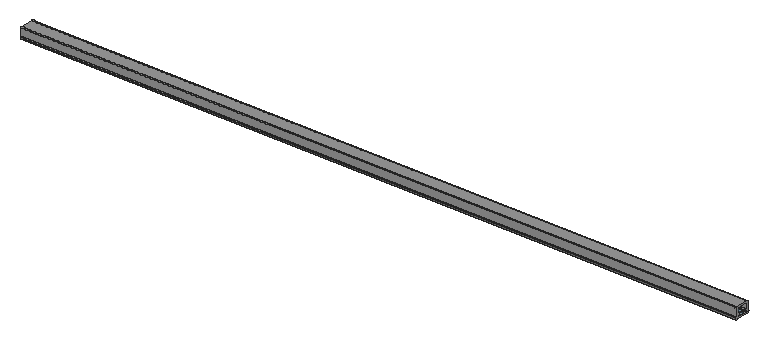
Revit family "LLED8000-ST-4RF", category Lighting Fixtures, Revit 2017
Family settings
  Round Connector Dimension = Use Diameter
  Part Type = Normal
  OmniClass Number = 23.80.70.00
  OmniClass Title = Lighting
  Work Plane-Based = Yes
  Always vertical = Yes
  Cut with Voids When Loaded = No
  Light Source = Yes
  Shared = No
  Room Calculation Point = No
Parameters (values of type "LLED-ST")
  Wattage = 9.2903 W
  built-in parameter 1150110 = 1 (stored number, unit not read)
  built-in parameter 1114217 = 1 (stored number, unit not read)
  built-in parameter 1150109 = 1 (stored number, unit not read)
  built-in parameter 1150134 = 3
  built-in parameter 1150113 = 1 (stored number, unit not read)
  built-in parameter 1150105 = 109.82 (stored number, unit not read)
  Lumens = 1380 lm
  built-in parameter 1150115 = 1 (stored number, unit not read)
  Light Source Symbol Size = 24.000"
  built-in parameter 1150137 = (empty or 0)
  built-in parameter 1150139 = (empty or 0)
  built-in parameter 1150112 = 1 (stored number, unit not read)
  built-in parameter 1150114 = 1 (stored number, unit not read)
  L = 24.000"
  built-in parameter 1150132 = (empty or 0)
  built-in parameter 1150102 = (empty or 0)
  built-in parameter 1150107 = 3200 (stored number, unit not read)
  built-in parameter 1150138 = (empty or 0)
  built-in parameter 1150106 = 1.0982 (stored number, unit not read)
  Fixture cap = fixture cap
  Fixture = fixture
  Emit from Line Length = 24.000"
  built-in parameter 1150104 = 13.8 (stored number, unit not read)
  Dimming Lamp Color Temperature Shift = <None>
  Default Elevation = 2.60039"
  Color Filter = 16777215
  Bulb = Glass
  built-in parameter 1114218 = 1 (stored number, unit not read)
  built-in parameter 1150133 = 10 (stored number, unit not read)
Reference planes (in)
  plane 1 "Light Source Axis (F/B)": y = 0
  plane 2: z = 0
  plane 3 "Light Source Axis (L/R)": x = 0
  plane 4 "Light Source Elevation": z = 54
  plane 5: z = 0
  plane 6: x = -12
  plane 7: x = 12
  plane 8: z = -0.36
  plane 9: y = -0.26
  plane 10: y = 0.26
Forms (in)
  Revolve 1, solid, not visible
    sketch origin (-0.00118, 0, 6.68102) x (1, 0, 0) y (0, 0, 1)
      loop
        line (0, 1.27453) -> (0.22, 1.27453) -> (0.22, 1.98615) -> (0, 1.98615) -> (0, 1.27453)
      axis (0, 1.98615) -> (0, 1.27453)
    angle from 0 to 360
  Extrusion 2, solid, material "fixture cap" <- "Fixture cap", not visible
    sketch origin (-0.00118, -0.05736, 6.68102) x (1, 0, 0) y (0, 0, 1)
      loop
        line (0, 1.6939) -> (0.66, 1.6939) -> (0.66, 1.98615) -> (0, 1.98615) -> (-0.66, 1.98615) -> (-0.66, 1.6939) -> (0, 1.6939)
    from -0.23545 to 0.11965
  Extrusion 3, void, not visible
    sketch origin (-0.00118, 0, 6.68102) x (1, 0, 0) y (0, 0, 1)
      loop
        arc (-0.66, 1.6939) -> (-0.58698, 1.88163) -> (-0.41477, 1.98615) r 0.31341
        line (-0.41477, 1.98615) -> (-0.66, 1.98615) -> (-0.66, 1.6939)
      loop
        line (0.66, 1.6939) -> (0.66, 1.98615) -> (0.41477, 1.98615)
        arc (0.41477, 1.98615) -> (0.58698, 1.88163) -> (0.66, 1.6939) r 0.31341
    from -0.17809 to 0.17701
  Blend 4, solid, not visible
    base sketch origin (-0.00118, 0, 7.13918) x (1, 0, 0) y (0, 1, 0)
      loop
        circle (0, 0) r 0.57599
    top sketch origin (-0.00118, 0, 7.13918) x (1, 0, 0) y (0, 1, 0)
      loop
        circle (0, 0) r 0.42
    from -0.52219 to 0.72781
  Blend 5, solid, not visible
    base sketch origin (-0.00118, 0, 6.68102) x (1, 0, 0) y (0, 1, 0)
      loop
        circle (0, 0) r 0.42
    top sketch origin (-0.00118, 0, 6.68102) x (1, 0, 0) y (0, 1, 0)
      loop
        circle (0, 0) r 0.22
    from 1.18597 to 1.27148
  Extrusion 6, void, not visible
    sketch origin (0.0069, 0, 6.93102) x (1, 0, 0) y (0, 1, 0)
      loop
        arc (-0.54002, 0.08041) -> (-0.58407, 0) -> (-0.54002, -0.08041) r 0.09541
        line (-0.54002, -0.08041) -> (-0.19879, -0.08041)
        arc (-0.19879, -0.08041) -> (-0.00676, -0.19306) -> (0.18528, -0.08041) r 0.22
        line (0.18528, -0.08041) -> (0.54002, -0.08041)
        arc (0.54002, -0.08041) -> (0.58407, 0) -> (0.54002, 0.08041) r 0.09541
        line (0.54002, 0.08041) -> (0.18542, 0.08041)
        arc (0.18542, 0.08041) -> (-0.00739, 0.19447) -> (-0.2002, 0.08041) r 0.22
        line (-0.2002, 0.08041) -> (-0.54002, 0.08041)
    from 1.43764 to 1.77364
  Revolve 7, solid, not visible
    sketch origin (-0.00118, 0, 4.43877) x (1, 0, 0) y (0, 0, 1)
      loop
        line (0, 2.17822) -> (0, 1.78225) -> (0.66857, 1.78225) -> (0.49227, 2.17822) -> (0, 2.17822)
      axis (0, 2.17822) -> (0, 1.78225)
    angle from 0 to 360
  Revolve 8, solid, not visible
    sketch origin (-0.00118, 0, 6.68102) x (1, 0, 0) y (0, 0, -1)
      loop
        line (0, -1.27453) -> (0, -1.98615) -> (0.22, -1.98615) -> (0.22, -1.27453) -> (0, -1.27453)
      axis (0, -1.98615) -> (0, -1.27453)
    angle from 0 to 360
  Extrusion 9, solid, material "fixture cap" <- "Fixture cap", not visible
    sketch origin (-0.00118, 0.05736, 6.68102) x (1, 0, 0) y (0, 0, -1)
      loop
        line (0, -0.68597) -> (-0.66, -0.68597) -> (-0.66, -1.98615) -> (0, -1.98615) -> (0.66, -1.98615) -> (0.66, -0.68597) -> (0, -0.68597)
    from -0.23545 to 0.11965
  Extrusion 10, void, not visible
    sketch origin (-0.00118, 0, 6.68102) x (1, 0, 0) y (0, 0, -1)
      loop
        line (-0.66, -1.6939) -> (-0.66, -1.98615) -> (-0.41477, -1.98615)
        arc (-0.41477, -1.98615) -> (-0.58698, -1.88163) -> (-0.66, -1.6939) r 0.31341
      loop
        arc (0.66, -1.6939) -> (0.58698, -1.88163) -> (0.41477, -1.98615) r 0.31341
        line (0.41477, -1.98615) -> (0.66, -1.98615) -> (0.66, -1.6939)
    from -0.17809 to 0.17701
  Blend 11, solid, not visible
    base sketch origin (-0.00118, 0, 6.68102) x (1, 0, 0) y (0, 1, 0)
      loop
        circle (0, 0) r 0.42
    top sketch origin (-0.00118, 0, 6.68102) x (1, 0, 0) y (0, 1, 0)
      loop
        circle (0, 0) r 0.22
    from 1.18597 to 1.27148
  Extrusion 12, void, not visible
    sketch origin (0.0069, 0, 6.93102) x (1, 0, 0) y (0, 1, 0)
      loop
        line (-0.54002, -0.08041) -> (-0.2002, -0.08041)
        arc (-0.2002, -0.08041) -> (-0.00739, -0.19447) -> (0.18542, -0.08041) r 0.22
        line (0.18542, -0.08041) -> (0.54002, -0.08041)
        arc (0.54002, -0.08041) -> (0.58407, 0) -> (0.54002, 0.08041) r 0.09541
        line (0.54002, 0.08041) -> (0.18528, 0.08041)
        arc (0.18528, 0.08041) -> (-0.00676, 0.19306) -> (-0.19879, 0.08041) r 0.22
        line (-0.19879, 0.08041) -> (-0.54002, 0.08041)
        arc (-0.54002, 0.08041) -> (-0.58407, 0) -> (-0.54002, -0.08041) r 0.09541
    from 1.43764 to 1.77364
  Extrusion 13, void, not visible
    sketch origin (-0.00118, 0, 6.83727) x (1, 0, 0) y (0, 0, -1)
      loop
        line (-0.50265, -1.4876) -> (-0.3469, -1.4876)
        arc (-0.3469, -1.4876) -> (-0.42478, -1.34712) -> (-0.50265, -1.4876) r 0.09183
      loop
        arc (0.50265, -1.4876) -> (0.42478, -1.34712) -> (0.3469, -1.4876) r 0.09183
        line (0.3469, -1.4876) -> (0.50265, -1.4876)
    from -0.22339 to 0.22501
  Extrusion 14, solid, not visible
    sketch origin (-0.00049, 0, 6.93102) x (1, 0, 0) y (0, 1, 0)
      loop
        line (-0.03443, 0) -> (-0.03443, -0.08951)
        arc (-0.03443, -0.08951) -> (-0.02214, -0.11039) -> (0, -0.12025) r 0.03974
        arc (0, -0.12025) -> (0.02214, -0.11039) -> (0.03443, -0.08951) r 0.03974
        line (0.03443, -0.08951) -> (0.03443, 0) -> (0.03443, 0.08951)
        arc (0.03443, 0.08951) -> (0.02214, 0.11039) -> (0, 0.12025) r 0.03974
        arc (0, 0.12025) -> (-0.02214, 0.11039) -> (-0.03443, 0.08951) r 0.03974
        line (-0.03443, 0.08951) -> (-0.03443, 0)
    from 1.43764 to 1.50249
  Extrusion 15, solid, material "fixture" <- "Fixture"
    sketch origin (-12, -0.27712, -0.25) x (0, 0, 1) y (0, -1, 0)
      loop
        line (-0.11, -0.04626) -> (-0.11, -0.50798)
        arc (-0.11, -0.50798) -> (-0.09207, -0.53488) -> (-0.06034, -0.52867) r 0.02914
        line (-0.06034, -0.52867) -> (-0.03138, -0.50798) -> (0.22355, -0.50798)
        arc (0.22355, -0.50798) -> (0.24225, -0.50023) -> (0.25, -0.48153) r 0.02645
        line (0.25, -0.48153) -> (0.25, -0.07271)
        arc (0.25, -0.07271) -> (0.24225, -0.054) -> (0.22355, -0.04626) r 0.02645
        line (0.22355, -0.04626) -> (-0.03138, -0.04626) -> (-0.06034, -0.02557)
        arc (-0.06034, -0.02557) -> (-0.09207, -0.01936) -> (-0.11, -0.04626) r 0.02914
      loop
        line (0.2169, -0.07936) -> (0.02241, -0.07936) -> (0.02241, -0.15798) -> (-0.01069, -0.15798) -> (-0.01069, -0.07936) -> (-0.04238, -0.07936) -> (-0.0769, -0.05039) -> (-0.0769, -0.50384) -> (-0.04238, -0.47488) -> (-0.01069, -0.47488) -> (-0.01069, -0.39626) -> (0.02241, -0.39626) -> (0.02241, -0.47488) -> (0.2169, -0.47488) -> (0.2169, -0.07936)
    from 0 to 24
  Extrusion 16, solid, material "Glass" <- "Bulb"
    sketch origin (0, 0, 0) x (0, 1, 0) y (0, 0, 1)
      loop
        line (0.07846, -0.24817) -> (-0.07846, -0.24817) -> (-0.07846, -0.3269) -> (0.07846, -0.3269) -> (0.07846, -0.24817)
    from -12 to 12
Dimensions and locks (in)
  plane 5 to plane 8 = 0.360"
  plane 7 to plane 6 = 24.000"
  plane 6 to plane 7 = 24.000"
  level to plane 8 = 0.360"
  plane 10 to plane 9 = 0.520"
  equal spacing: plane 6, plane 3 "Light Source Axis (L/R)", plane 7
  "L": plane 6 to plane 7
  aligned and locked: level to plane 2
  aligned and locked: plane 6 to Extrusion 15
  aligned and locked: Extrusion 16 to plane 7
  aligned and locked: plane 6 to Extrusion 16
  aligned and locked: Extrusion 15 to plane 7
Automatic sketch dimensions
  plane 8 to Extrusion 15 sketch curve = 0.000"
  Extrusion 15 sketch curve to level = 0.000"
  Extrusion 15 sketch curve to Extrusion 15 sketch curve = 0.02914"  (x2)
  Extrusion 15 sketch curve to Extrusion 15 sketch curve = 0.00397"
  plane 10 to Extrusion 15 sketch curve = 0.00845"
  Extrusion 15 sketch curve to Extrusion 15 sketch curve = 0.02052"  (x2)
  plane 9 to Extrusion 15 sketch curve = 0.00845"
  Extrusion 15 sketch curve to Extrusion 15 sketch curve = 0.03452"  (x2)
  Extrusion 15 sketch curve to Extrusion 15 sketch curve = 0.011"  (x2)
  plane 10 to Extrusion 15 sketch curve = 0.02914"
  Extrusion 15 sketch curve to Extrusion 15 sketch curve = 0.03169"  (x2)
  Extrusion 15 sketch curve to Extrusion 15 sketch curve = 0.0331"  (x4)
  Extrusion 15 sketch curve to level = 0.0331"
  Extrusion 15 sketch curve to Extrusion 15 sketch curve = 0.00665"  (x2)
  Extrusion 15 sketch curve to level = 0.02645"
  Extrusion 15 sketch curve to Extrusion 15 sketch curve = 0.00414"  (x2)
  Extrusion 15 sketch curve to Extrusion 15 sketch curve = 0.000"
  Extrusion 15 sketch curve to Extrusion 15 sketch curve = 0.07862"
  plane 1 "Light Source Axis (F/B)" to Extrusion 15 sketch curve = 0.11914"
  plane 9 to Extrusion 15 sketch curve = 0.06224"
  plane 1 "Light Source Axis (F/B)" to Extrusion 16 sketch curve = 0.07846"
  Extrusion 16 sketch curve to plane 8 = 0.0331"
  Extrusion 16 sketch curve to plane 1 "Light Source Axis (F/B)" = 0.07846"
  Extrusion 16 sketch curve to Extrusion 16 sketch curve = 0.07873"
